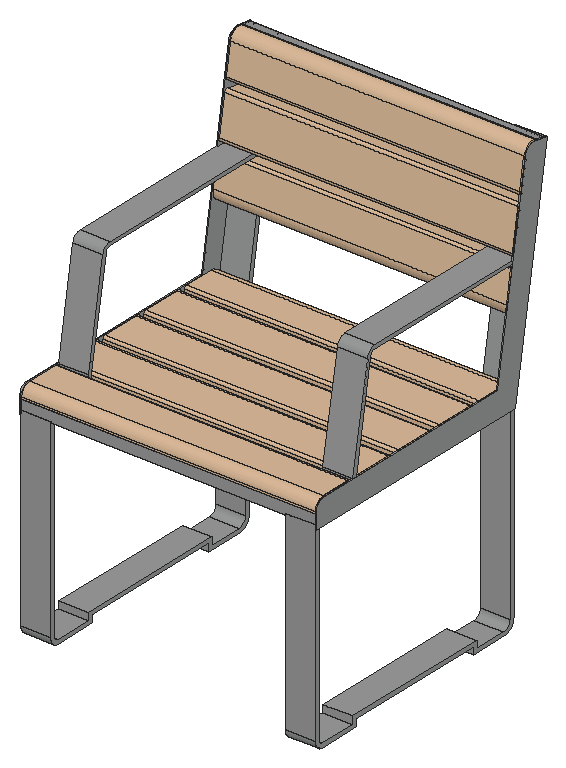
Revit family "1206-S-L", category Meble, Revit 2021
Family settings
  Numer OmniClass = 23.40.20.00
  Tytuł OmniClass = General Furniture and Specialties
  Oparty na płaszczyźnie roboczej = Nie
  Zawsze pionowo = Tak
  Tnij formami wycięć po wczytaniu = Nie
  Współdzielony = Nie
  Punkt obliczania pomieszczeń = Nie
Parameters (values of type "1206-S-L")
  wood = Mobilis Design Wood - Larch
  metal = Mobilis Design RAL 9023
  Width = "58 cm"
  Weight = "35 kg"
  URL = ""
  Seat height = "45 cm"
  Product line = "Tucana"
  Product Groups = ""
  Manufacturer = ""
  Keynote = ""
  Description = ""
  Model = "1206-S-L"
  Material = ""
  Maintenance = ""
  Lenght = "60 cm"
  Type Comments = ""
  Mobilis Design Materials = ""
  Hosted on = ""
  Height = "86 cm"
  Domyślna rzędna = 0 mm
  Copyright = "All designs and drawings are the common intellectual property of Lars Laj A/S and Tress and are protected by Danish and international copyright laws."
Reference planes
  plane 1 "front": y = 0
  plane 2: z = 0
  plane 3 "Środek (Lewa/Prawa)": x = 0
Forms (mm)
  Extrusion 1, solid, material "Mobilis Design Wood - Larch" <- "wood"
    sketch origin (0, -319.551, 21.46) x (0, 1, 0) y (0, 0, 1)
      loop
        arc (260.118, 430.04) -> (256.583, 428.576) -> (255.118, 425.04) r 5
        line (255.118, 425.04) -> (255.118, 388.972)
        arc (255.118, 388.972) -> (255.693, 387.586) -> (257.078, 387.012) r 1.96
        line (257.078, 387.012) -> (342.493, 387.012)
        arc (342.493, 387.012) -> (343.908, 387.598) -> (344.493, 389.012) r 2
        line (344.493, 389.012) -> (344.493, 425.04)
        arc (344.493, 425.04) -> (343.029, 428.576) -> (339.493, 430.04) r 5
        line (339.493, 430.04) -> (260.118, 430.04)
    from -295.625 to 295.625
  Extrusion 2, solid, material "Mobilis Design Wood - Larch" <- "wood"
    sketch origin (0, -422, 21.46) x (0, 1, 0) y (0, 0, 1)
      loop
        arc (260.118, 430.04) -> (256.583, 428.576) -> (255.118, 425.04) r 5
        line (255.118, 425.04) -> (255.118, 388.972)
        arc (255.118, 388.972) -> (255.693, 387.586) -> (257.078, 387.012) r 1.96
        line (257.078, 387.012) -> (342.493, 387.012)
        arc (342.493, 387.012) -> (343.908, 387.598) -> (344.493, 389.012) r 2
        line (344.493, 389.012) -> (344.493, 425.04)
        arc (344.493, 425.04) -> (343.029, 428.576) -> (339.493, 430.04) r 5
        line (339.493, 430.04) -> (260.118, 430.04)
    from -295.625 to 295.625
  Extrusion 3, solid, material "Mobilis Design Wood - Larch" <- "wood"
    sketch origin (0, -217, 23.25) x (0, 1, 0) y (0, 0, 1)
      loop
        arc (260.118, 428.25) -> (256.583, 426.786) -> (255.118, 423.25) r 5
        line (255.118, 423.25) -> (255.118, 387.182)
        arc (255.118, 387.182) -> (255.693, 385.796) -> (257.078, 385.222) r 1.96
        line (257.078, 385.222) -> (342.493, 385.222)
        arc (342.493, 385.222) -> (343.908, 385.808) -> (344.493, 387.222) r 2
        line (344.493, 387.222) -> (344.493, 423.25)
        arc (344.493, 423.25) -> (343.029, 426.786) -> (339.493, 428.25) r 5
        line (339.493, 428.25) -> (260.118, 428.25)
    from -295.625 to 295.625
  Extrusion 4, solid, material "Mobilis Design Wood - Larch" <- "wood"
    sketch origin (0, 606.132, 348.398) x (0, 0.173648, 0.984808) y (0, -0.984808, 0.173648)
      loop
        arc (260.118, 429.703) -> (256.583, 428.239) -> (255.118, 424.703) r 5
        line (255.118, 424.703) -> (255.118, 388.972)
        arc (255.118, 388.972) -> (255.693, 387.586) -> (257.078, 387.012) r 1.96
        line (257.078, 387.012) -> (342.493, 387.012)
        arc (342.493, 387.012) -> (343.908, 387.598) -> (344.493, 389.012) r 2
        line (344.493, 389.012) -> (344.493, 424.703)
        arc (344.493, 424.703) -> (343.029, 428.239) -> (339.493, 429.703) r 5
        line (339.493, 429.703) -> (260.118, 429.703)
    from -295.625 to 295.625
  Extrusion 5, solid, material "Mobilis Design RAL 9023" <- "metal", not visible
    sketch origin (0, 0, 0) x (0, 1, 0) y (0, 0, 1)
      loop
        arc (71.187, 451.5) -> (57.045, 445.642) -> (51.187, 431.5) r 20
        line (51.187, 431.5) -> (51.187, 18.231)
        arc (51.187, 18.231) -> (56.527, 5.34) -> (69.418, 0) r 18.231
        line (69.418, 0) -> (153.638, 0) -> (153.638, 15) -> (448.638, 15) -> (448.638, 0) -> (527.023, 0)
        arc (527.023, 0) -> (542.307, 6.331) -> (548.638, 21.615) r 21.615
        line (548.638, 21.615) -> (548.638, 429.407)
        arc (548.638, 429.407) -> (542.168, 445.029) -> (526.545, 451.5) r 22.093
        line (526.545, 451.5) -> (71.187, 451.5)
    from 750.378 to 745
  Extrusion 6, solid, material "Mobilis Design RAL 9023" <- "metal", not visible
    sketch origin (0, 0, 0) x (0, 1, 0) y (0, 0, 1)
      loop
        line (548.638, 396.844) -> (629.375, 854.725) -> (601.836, 859.581)
        arc (601.836, 859.581) -> (585.224, 855.898) -> (576.082, 841.547) r 22.232
        line (576.082, 841.547) -> (507.306, 451.5) -> (526.545, 451.5)
        arc (526.545, 451.5) -> (542.168, 445.029) -> (548.638, 429.407) r 22.093
        line (548.638, 429.407) -> (548.638, 396.844)
    from 745 to 750.378
  Extrusion 7, solid, material "Mobilis Design RAL 9023" <- "metal"
    sketch origin (449.375, -319.52, 0) x (0, -1, 0) y (0, 0, 1)
      loop
        line (-549.241, 400.262) -> (-51.187, 400.262) -> (-51.187, 431.5)
        arc (-51.187, 431.5) -> (-57.045, 445.642) -> (-71.187, 451.5) r 20
        line (-71.187, 451.5) -> (-507.306, 451.5) -> (-576.082, 841.547)
        arc (-576.082, 841.547) -> (-585.224, 855.898) -> (-601.836, 859.581) r 22.232
        line (-601.836, 859.581) -> (-629.375, 854.725) -> (-549.241, 400.262)
    from 745 to 747.505
  Extrusion 8, solid, material "Mobilis Design RAL 9023" <- "metal"
    sketch origin (0, -319.52, 0) x (0, 1, 0) y (0, 0, 1)
      loop
        line (548.638, 396.844) -> (629.375, 854.725) -> (621.989, 856.027) -> (543.073, 408.472) -> (51.187, 408.472) -> (51.187, 18.763)
        arc (51.187, 18.763) -> (56.683, 5.495) -> (69.95, 0) r 18.763
        line (69.95, 0) -> (153.638, 0) -> (153.638, 15) -> (448.638, 15) -> (448.638, 0) -> (525.342, 0)
        arc (525.342, 0) -> (541.815, 6.823) -> (548.638, 23.296) r 23.296
        line (548.638, 23.296) -> (548.638, 396.844)
      loop
        line (58.687, 400.262) -> (58.687, 18.763)
        arc (58.687, 18.763) -> (61.986, 10.799) -> (69.95, 7.5) r 11.263
        line (69.95, 7.5) -> (146.138, 7.5) -> (146.138, 22.5) -> (456.138, 22.5) -> (456.138, 7.5) -> (525.342, 7.5)
        arc (525.342, 7.5) -> (536.512, 12.127) -> (541.138, 23.296) r 15.796
        line (541.138, 23.296) -> (541.138, 400.262) -> (58.687, 400.262)
    from -295.625 to -235.625
  Extrusion 9, solid, material "Mobilis Design RAL 9023" <- "metal"
    sketch origin (0, -319.52, 0) x (0, 1, 0) y (0, 0, -1)
      loop
        line (548.638, -396.844) -> (548.638, -23.296)
        arc (548.638, -23.296) -> (541.815, -6.823) -> (525.342, 0) r 23.296
        line (525.342, 0) -> (448.638, 0) -> (448.638, -15) -> (153.638, -15) -> (153.638, 0) -> (69.95, 0)
        arc (69.95, 0) -> (56.683, -5.495) -> (51.187, -18.763) r 18.763
        line (51.187, -18.763) -> (51.187, -408.472) -> (543.073, -408.472) -> (621.989, -856.027) -> (629.375, -854.725) -> (548.638, -396.844)
      loop
        line (58.687, -400.262) -> (541.138, -400.262) -> (541.138, -23.296)
        arc (541.138, -23.296) -> (536.512, -12.127) -> (525.342, -7.5) r 15.796
        line (525.342, -7.5) -> (456.138, -7.5) -> (456.138, -22.5) -> (146.138, -22.5) -> (146.138, -7.5) -> (69.95, -7.5)
        arc (69.95, -7.5) -> (61.986, -10.799) -> (58.687, -18.763) r 11.263
        line (58.687, -18.763) -> (58.687, -400.262)
    from -295.625 to -235.625
  Extrusion 10, solid, material "Mobilis Design RAL 9023" <- "metal"
    sketch origin (0, -319.52, 0) x (0, 1, 0) y (0, 0, 1)
      loop
        arc (201.286, 666.675) -> (188.672, 662.542) -> (181.888, 651.132) r 18.898
        line (181.888, 651.132) -> (145.796, 450) -> (145.796, 407) -> (151.796, 407) -> (151.888, 450) -> (187.77, 649.936)
        arc (187.77, 649.936) -> (192.655, 657.664) -> (201.286, 660.675) r 13.876
        line (201.286, 660.675) -> (587.524, 660.675) -> (588.541, 666.675) -> (201.286, 666.675)
    from 235.625 to 295.625
  Extrusion 11, solid, material "Mobilis Design RAL 9023" <- "metal"
    sketch origin (0, -319.52, 0) x (0, 1, 0) y (0, 0, -1)
      loop
        line (201.286, -666.675) -> (588.541, -666.675) -> (587.524, -660.675) -> (201.286, -660.675)
        arc (201.286, -660.675) -> (192.655, -657.664) -> (187.77, -649.936) r 13.876
        line (187.77, -649.936) -> (151.888, -450) -> (151.796, -407) -> (145.796, -407) -> (145.796, -450) -> (181.888, -651.132)
        arc (181.888, -651.132) -> (188.672, -662.542) -> (201.286, -666.675) r 18.898
    from 235.625 to 295.625
  Extrusion 12, solid, material "Mobilis Design Wood - Larch" <- "wood"
    sketch origin (0, -523.999, 21.978) x (0, 1, 0) y (0, 0, 1)
      loop
        arc (275.801, 429.522) -> (261.616, 423.646) -> (255.74, 409.461) r 20.061
        line (255.74, 409.461) -> (255.74, 406.628) -> (259.047, 406.628) -> (259.047, 386.494) -> (343.118, 386.494)
        arc (343.118, 386.494) -> (344.532, 387.079) -> (345.117, 388.493) r 1.999
        line (345.117, 388.493) -> (345.117, 424.524)
        arc (345.117, 424.524) -> (343.653, 428.058) -> (340.119, 429.522) r 4.998
        line (340.119, 429.522) -> (275.801, 429.522)
    from -295.625 to 295.625
  Extrusion 13, solid, material "Mobilis Design RAL 9023" <- "metal"
    sketch origin (0, 191.874, 1359.694) x (0, -0.983564, -0.180562) y (0, 0.180562, -0.983564)
      loop
        line (624.848, 855.34) -> (604.709, 859.052) -> (604.207, 856.208) -> (621.46, 853.027) -> (617.965, 833.203) -> (620.676, 832.703) -> (624.848, 855.34)
    from -295.625 to 295.625
  Extrusion 14, solid, material "Mobilis Design Wood - Larch" <- "wood"
    sketch origin (0, 624.058, 451.03) x (0, 0.173648, 0.984808) y (0, -0.984808, 0.173648)
      loop
        arc (260.118, 430.036) -> (256.583, 428.571) -> (255.118, 425.036) r 5
        line (255.118, 425.036) -> (255.118, 389.305)
        arc (255.118, 389.305) -> (255.693, 387.919) -> (257.078, 387.345) r 1.96
        line (257.078, 387.345) -> (340.844, 387.345) -> (341.15, 404.888) -> (343.753, 404.888)
        arc (343.753, 404.888) -> (338.433, 422.457) -> (321.714, 430.036) r 22.231
        line (321.714, 430.036) -> (260.118, 430.036)
    from -295.625 to 295.625
  Extrusion 15, solid, material "Mobilis Design RAL 9023" <- "metal"
    sketch origin (0, -319.666, 0.985) x (0, 1, 0) y (0, 0, 1)
      loop
        line (624.848, 855.34) -> (604.709, 859.052) -> (604.207, 856.208) -> (621.46, 853.027) -> (618.538, 836.456) -> (621.274, 835.952) -> (624.848, 855.34)
    from -295.625 to 295.625
  Extrusion 16, solid, material "Mobilis Design Wood - Larch" <- "wood"
    sketch origin (0, 691.92, 836.836) x (0, -0.173648, -0.984808) y (0, 0.984808, -0.173648)
      loop
        line (260.118, -430.036) -> (321.714, -430.036)
        arc (321.714, -430.036) -> (338.433, -422.457) -> (343.753, -404.888) r 22.231
        line (343.753, -404.888) -> (341.15, -404.888) -> (340.844, -387.345) -> (257.078, -387.345)
        arc (257.078, -387.345) -> (255.693, -387.919) -> (255.118, -389.305) r 1.96
        line (255.118, -389.305) -> (255.118, -425.036)
        arc (255.118, -425.036) -> (256.583, -428.571) -> (260.118, -430.036) r 5
    from -295.625 to 295.625
  Extrusion 17, solid, material "Mobilis Design RAL 9023" <- "metal"
    sketch origin (0, -40.966, 1582.513) x (0, 0.939693, -0.34202) y (0, 0.34202, 0.939693)
      loop
        line (624.848, -855.34) -> (621.274, -835.952) -> (618.538, -836.456) -> (621.46, -853.027) -> (604.207, -856.208) -> (604.709, -859.052) -> (624.848, -855.34)
    from -295.625 to 295.625
  Extrusion 18, solid, material "Mobilis Design Wood - Larch" <- "wood"
    sketch origin (0, 485.082, 21.573) x (0, -1, 0) y (0, 0, -1)
      loop
        line (276.292, -429.927) -> (340.119, -429.927)
        arc (340.119, -429.927) -> (343.653, -428.463) -> (345.117, -424.929) r 4.998
        line (345.117, -424.929) -> (345.117, -388.898)
        arc (345.117, -388.898) -> (344.532, -387.484) -> (343.118, -386.898) r 1.999
        line (343.118, -386.898) -> (259.243, -386.898) -> (259.243, -405.971) -> (256.231, -405.971) -> (256.231, -409.865)
        arc (256.231, -409.865) -> (262.106, -424.051) -> (276.292, -429.927) r 20.061
    from -295.625 to 295.625
  Extrusion 19, solid, material "Mobilis Design RAL 9023" <- "metal"
    sketch origin (0, -231.457, 1359.646) x (0, 0.983564, -0.180562) y (0, 0.180562, 0.983564)
      loop
        line (625.026, -855.307) -> (621.037, -833.668) -> (618.141, -834.202) -> (621.46, -853.027) -> (604.207, -856.208) -> (604.709, -859.052) -> (625.026, -855.307)
    from -295.625 to 295.625
  Extrusion 20, solid, material "Mobilis Design RAL 9023" <- "metal"
    sketch origin (-449.375, -319.52, 0) x (0, -1, 0) y (0, 0, -1)
      loop
        line (-549.241, -400.262) -> (-629.375, -854.725) -> (-601.836, -859.581)
        arc (-601.836, -859.581) -> (-585.224, -855.898) -> (-576.082, -841.547) r 22.232
        line (-576.082, -841.547) -> (-507.306, -451.5) -> (-71.187, -451.5)
        arc (-71.187, -451.5) -> (-57.045, -445.642) -> (-51.187, -431.5) r 20
        line (-51.187, -431.5) -> (-51.187, -400.262) -> (-549.241, -400.262)
    from 745 to 747.505
Dimensions and locks
  Extrusion 1 sketch curve to Extrusion 1 sketch curve = 89.375 mm
  Extrusion 1 sketch curve to Extrusion 1 sketch curve = 43.028 mm
  Extrusion 2 sketch curve to Extrusion 2 sketch curve = 89.375 mm
  Extrusion 2 sketch curve to Extrusion 2 sketch curve = 43.028 mm
  Extrusion 3 sketch curve to Extrusion 3 sketch curve = 89.375 mm
  Extrusion 3 sketch curve to Extrusion 3 sketch curve = 43.028 mm
  Extrusion 4 sketch curve to Extrusion 4 sketch curve = 89.375 mm
  Extrusion 4 sketch curve to Extrusion 4 sketch curve = 42.691 mm
  Extrusion 12 sketch curve to Extrusion 12 sketch curve = 43.028 mm
  Extrusion 14 sketch curve to Extrusion 14 sketch curve = 42.691 mm
  Extrusion 16 sketch curve to Extrusion 16 sketch curve = 42.691 mm
  Extrusion 18 sketch curve to Extrusion 18 sketch curve = 43.028 mm
  aligned and locked: level to plane 2
